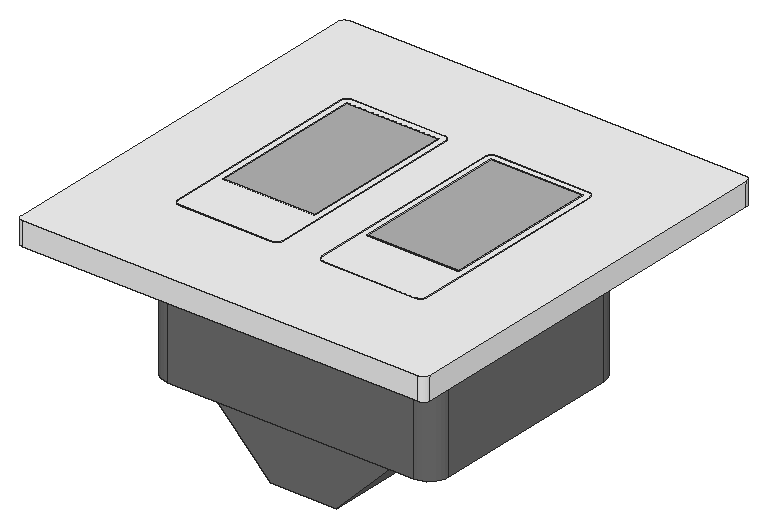
Revit family "Network Video Endpoint-Q-SYS-NV-1-H-WE-Surface Mounted pu mat 1", category Communication Devices, host Face, Revit 2022
Family settings
  Host = Face
  Round Connector Dimension = Use Diameter
  Part Type = Normal
  OmniClass Number = 23.85.10.14
  OmniClass Title = Visual Information Systems
  Cut with Voids When Loaded = No
  Maintain Annotation Orientation = No
  Shared = No
  Room Calculation Point = No
Parameters (values of type "White")
  Width = 124.71 mm
  Weight Product = 0.84
  Weight Dimensional = 0.84
  Weight = 0.84 lbm
  URL = "https://www.qsys.com/"
  Type Comments = "White"
  Product Page URL = "https://www.qsys.com/products-solutions/q-sys/video/nv-series/nv-1-h-we/"
  Product Documentation Link = "https://www.qsys.com/resource-files/productresources/dn/nv-1-h-we/q_dn_qsys_nv-1-h-we_specsheet.pdf"
  Plate Material = Plastic - Q-SYS - White
  Plan Symbol Vertical Offset [instance] = 0
  Plan Symbol Horizontal Offset [instance] = 0
  Part Number = ""
  Model = "NV-1-H-WE"
  Manufacturer URL = "https://www.qsys.com/"
  Manufacturer = "Q-SYS"
  IQ Category = "Network Video Endpoint"
  Highlight Material = Plastic - Q-SYS - White Mesh
  Height = 124.71 mm
  Description = "Network video endpoint for Q-SYS platform"
  Depth = 67.9 mm
  Default Elevation = 1219.2 mm
  Body Width = 87.0 mm
  Body Material = Plastic - Q-SYS - Black
  Body Height = 71.0 mm
Reference planes
  plane 1 "Center (Front/Back)": y = 0
  plane 2: z = 0
  plane 3 "Center (Left/Right)": x = 0
  plane 4 "Left": x = -62.355
  plane 5 "Right": x = 62.355
  plane 6: y = 62.355
  plane 7 "Bottom": y = -62.355
  plane 8: x = -43.5
  plane 9: x = 43.5
  plane 10: z = 0
  plane 11 "Back": z = -61
  plane 12 "Front": z = 6.9
  plane 13: y = 35.5
  plane 14: y = -35.5
  plane 15: z = -41
  plane 16: x = -22
  plane 17: x = 22
  plane 18: y = 33
  plane 19: y = -33
Forms (mm)
  Extrusion 1, solid, material "Plastic - Q-SYS - White" <- "Plate Material", detail levels medium+fine
    sketch origin (0, 0, 6.9) x (-1, 0, 0) y (0, -1, 0)
      loop
        arc (60.355, -62.355) -> (61.769, -61.769) -> (62.355, -60.355) r 2
        line (62.355, -60.355) -> (62.355, 60.355)
        arc (62.355, 60.355) -> (61.769, 61.769) -> (60.355, 62.355) r 2
        line (60.355, 62.355) -> (-60.355, 62.355)
        arc (-60.355, 62.355) -> (-61.769, 61.769) -> (-62.355, 60.355) r 2
        line (-62.355, 60.355) -> (-62.355, -60.355)
        arc (-62.355, -60.355) -> (-61.769, -61.769) -> (-60.355, -62.355) r 2
        line (-60.355, -62.355) -> (60.355, -62.355)
      loop
        arc (36, -33) -> (37.414, -32.414) -> (38, -31) r 2
        line (38, -31) -> (38, 31)
        arc (38, 31) -> (37.414, 32.414) -> (36, 33) r 2
        line (36, 33) -> (8, 33)
        arc (8, 33) -> (6.586, 32.414) -> (6, 31) r 2
        line (6, 31) -> (6, -31)
        arc (6, -31) -> (6.586, -32.414) -> (8, -33) r 2
        line (8, -33) -> (36, -33)
      loop
        arc (-8, -33) -> (-6.586, -32.414) -> (-6, -31) r 2
        line (-6, -31) -> (-6, 31)
        arc (-6, 31) -> (-6.586, 32.414) -> (-8, 33) r 2
        line (-8, 33) -> (-36, 33)
        arc (-36, 33) -> (-37.414, 32.414) -> (-38, 31) r 2
        line (-38, 31) -> (-38, -31)
        arc (-38, -31) -> (-37.414, -32.414) -> (-36, -33) r 2
        line (-36, -33) -> (-8, -33)
    from -6.9 to 0
  Extrusion 2, solid, material "Plastic - Q-SYS - Black" <- "Body Material", detail levels medium+fine
    sketch origin (0, 0, 6.9) x (-1, 0, 0) y (0, -1, 0)
      loop
        arc (37.5, -35.5) -> (41.743, -33.743) -> (43.5, -29.5) r 6
        line (43.5, -29.5) -> (43.5, 29.5)
        arc (43.5, 29.5) -> (41.743, 33.743) -> (37.5, 35.5) r 6
        line (37.5, 35.5) -> (-37.5, 35.5)
        arc (-37.5, 35.5) -> (-41.743, 33.743) -> (-43.5, 29.5) r 6
        line (-43.5, 29.5) -> (-43.5, -29.5)
        arc (-43.5, -29.5) -> (-41.743, -33.743) -> (-37.5, -35.5) r 6
        line (-37.5, -35.5) -> (37.5, -35.5)
    from -47.9 to -6.9
  Extrusion 3, solid, material "Plastic - Q-SYS - Black" <- "Body Material", detail levels medium+fine
    sketch origin (-317.188, -35.5, 1219.2) x (-1, 0, 0) y (0, 0, -1)
      loop
        line (-287.188, 1260.2) -> (-307.188, 1280.2) -> (-327.188, 1280.2) -> (-347.188, 1260.2) -> (-287.188, 1260.2)
    from -5 to -28
  Extrusion 4, solid, material "Plastic - Q-SYS - White" <- "Plate Material", detail levels medium+fine
    sketch origin (0, 0, 6.9) x (-1, 0, 0) y (0, -1, 0)
      loop
        arc (38, 31) -> (37.414, 32.414) -> (36, 33) r 2
        line (36, 33) -> (8, 33)
        arc (8, 33) -> (6.586, 32.414) -> (6, 31) r 2
        line (6, 31) -> (6, -31)
        arc (6, -31) -> (6.586, -32.414) -> (8, -33) r 2
        line (8, -33) -> (36, -33)
        arc (36, -33) -> (37.414, -32.414) -> (38, -31) r 2
        line (38, -31) -> (38, 31)
      loop
        arc (-6, 31) -> (-6.586, 32.414) -> (-8, 33) r 2
        line (-8, 33) -> (-36, 33)
        arc (-36, 33) -> (-37.414, 32.414) -> (-38, 31) r 2
        line (-38, 31) -> (-38, -31)
        arc (-38, -31) -> (-37.414, -32.414) -> (-36, -33) r 2
        line (-36, -33) -> (-8, -33)
        arc (-8, -33) -> (-6.586, -32.414) -> (-6, -31) r 2
        line (-6, -31) -> (-6, 31)
      loop
        line (36, -31) -> (36, 16.5) -> (8, 16.5) -> (8, -31) -> (36, -31)
      loop
        line (-8, 16.5) -> (-36, 16.5) -> (-36, -31) -> (-8, -31) -> (-8, 16.5)
    from -6.9 to 0
  Extrusion 5, solid, material "Plastic - Q-SYS - White" <- "Plate Material", detail levels medium+fine
    sketch origin (0, 0, 6.9) x (-1, 0, 0) y (0, -1, 0)
      loop
        line (36, 16.5) -> (8, 16.5) -> (8, -31) -> (36, -31) -> (36, 16.5)
      loop
        line (-8, 16.5) -> (-36, 16.5) -> (-36, -31) -> (-8, -31) -> (-8, 16.5)
    from -6.9 to 0
  Extrusion 6, solid, detail levels coarse
    sketch origin (0, 0, 6.9) x (-1, 0, 0) y (0, -1, 0)
      loop
        line (62.355, -62.355) -> (62.355, 62.355) -> (-62.355, 62.355) -> (-62.355, -62.355) -> (62.355, -62.355)
    from -67.9 to 0
Lines and regions (mm)
  Masking region 1, detail levels medium+fine
    outline origin (0, 0, 0) x (0, 1, 0) y (0, 0, 1)
      loop
        line (62.355, 6.9) -> (-62.355, 6.9) -> (-62.355, -16) -> (62.355, -16) -> (62.355, 6.9)
  Masking region 2, detail levels medium+fine
    outline origin (0, 0, 6.9) x (-1, 0, 0) y (0, -1, 0)
      loop
        arc (60.355, -62.355) -> (61.769, -61.769) -> (62.355, -60.355) r 2
        line (62.355, -60.355) -> (62.355, 60.355)
        arc (62.355, 60.355) -> (61.769, 61.769) -> (60.355, 62.355) r 2
        line (60.355, 62.355) -> (-60.355, 62.355)
        arc (-60.355, 62.355) -> (-61.769, 61.769) -> (-62.355, 60.355) r 2
        line (-62.355, 60.355) -> (-62.355, -60.355)
        arc (-62.355, -60.355) -> (-61.769, -61.769) -> (-60.355, -62.355) r 2
        line (-60.355, -62.355) -> (60.355, -62.355)
  Masking region 3, detail levels medium+fine
    outline origin (0, 0, -61) x (-1, 0, 0) y (0, -1, 0)
      loop
        line (43.5, -29.5) -> (43.5, 29.5)
        arc (43.5, 29.5) -> (41.743, 33.743) -> (37.5, 35.5) r 6
        line (37.5, 35.5) -> (-37.5, 35.5)
        arc (-37.5, 35.5) -> (-41.743, 33.743) -> (-43.5, 29.5) r 6
        line (-43.5, 29.5) -> (-43.5, -29.5)
        arc (-43.5, -29.5) -> (-41.743, -33.743) -> (-37.5, -35.5) r 6
        line (-37.5, -35.5) -> (37.5, -35.5)
        arc (37.5, -35.5) -> (41.743, -33.743) -> (43.5, -29.5) r 6
  Masking region 4, detail levels medium+fine
    outline origin (0, 0, 0) x (1, 0, 0) y (0, 0, 1)
      loop
        line (-62.355, 6.9) -> (-62.355, 0) -> (-43.5, 0) -> (-43.5, -41) -> (-30, -41) -> (-10, -61) -> (10, -61) -> (30, -41) -> (43.5, -41) -> (43.5, 0) -> (62.355, 0) -> (62.355, 6.9) -> (-62.355, 6.9)
  Masking region 5, detail levels coarse
    outline origin (0, 0, -61) x (-1, 0, 0) y (0, -1, 0)
      loop
        line (62.355, -62.355) -> (62.355, 62.355) -> (-62.355, 62.355) -> (-62.355, -62.355) -> (62.355, -62.355)
  Masking region 6, detail levels coarse
    outline origin (0, 0, 0) x (0, 1, 0) y (0, 0, 1)
      loop
        line (62.355, 6.9) -> (-62.355, 6.9) -> (-62.355, -61) -> (62.355, -61) -> (62.355, 6.9)
  Masking region 7, detail levels medium+fine
    outline origin (0, 0, 0) x (0, 1, 0) y (0, 0, 1)
      loop
        line (-7.5, -61) -> (-7.5, -41) -> (35.5, -41) -> (35.5, 0) -> (62.355, 0) -> (62.355, 6.9) -> (-62.355, 6.9) -> (-62.355, 0) -> (-35.5, 0) -> (-35.5, -41) -> (-30.5, -41) -> (-30.5, -61) -> (-7.5, -61)
  symbolic lines, style "Detail", detail levels medium+fine
    curve 1: line (-38, 31, 6.9) -> (-38, -31, 6.9)
    curve 2: arc (-38, -31, 6.9) -> (-37.414, -32.414, 6.9) -> (-36, -33, 6.9) r 2
    curve 3: line (-36, -33, 6.9) -> (-8, -33, 6.9)
    curve 4: arc (-8, -33, 6.9) -> (-6.586, -32.414, 6.9) -> (-6, -31, 6.9) r 2
    curve 5: line (-6, -31, 6.9) -> (-6, 31, 6.9)
    curve 6: arc (-6, 31, 6.9) -> (-6.586, 32.414, 6.9) -> (-8, 33, 6.9) r 2
    curve 7: line (-8, 33, 6.9) -> (-36, 33, 6.9)
    curve 8: arc (-36, 33, 6.9) -> (-37.414, 32.414, 6.9) -> (-38, 31, 6.9) r 2
    curve 9: line (6, 31, 6.9) -> (6, -31, 6.9)
    curve 10: arc (6, -31, 6.9) -> (6.586, -32.414, 6.9) -> (8, -33, 6.9) r 2
    curve 11: line (8, -33, 6.9) -> (36, -33, 6.9)
    curve 12: arc (36, -33, 6.9) -> (37.414, -32.414, 6.9) -> (38, -31, 6.9) r 2
    curve 13: line (38, -31, 6.9) -> (38, 31, 6.9)
    curve 14: arc (38, 31, 6.9) -> (37.414, 32.414, 6.9) -> (36, 33, 6.9) r 2
    curve 15: line (36, 33, 6.9) -> (8, 33, 6.9)
    curve 16: arc (8, 33, 6.9) -> (6.586, 32.414, 6.9) -> (6, 31, 6.9) r 2
    curve 17: line (-30, -30.5, -61) -> (-30, -7.5, -61)
    curve 18: line (30, -7.5, -61) -> (-30, -7.5, -61)
    curve 19: line (30, -7.5, -61) -> (30, -30.5, -61)
    curve 20: line (-30, -30.5, -61) -> (30, -30.5, -61)
    curve 21: line (-10, -30.5, -61) -> (-10, -7.5, -61)
    curve 22: line (10, -30.5, -61) -> (10, -7.5, -61)
  symbolic lines, style "Outline", detail levels medium+fine
    curve 23: line (-43.5, 0, 0) -> (43.5, 0, 0)
    curve 24: line (-43.5, 0, -41) -> (43.5, 0, -41)
    curve 26: line (0, -7.5, -41) -> (0, -30.5, -41)
  symbolic lines, detail levels medium+fine
    curve 25: line (0, 35.5, 0) -> (0, -35.5, 0)
Dimensions and locks
  equal spacing: plane 6, plane 1 "Center (Front/Back)", plane 7 "Bottom"
  "Height": plane 6 to plane 7 "Bottom"
  equal spacing: plane 4 "Left", plane 3 "Center (Left/Right)", plane 5 "Right"
  "Width": plane 4 "Left" to plane 5 "Right"
  equal spacing: plane 8, plane 3 "Center (Left/Right)", plane 9
  "Body Width": plane 8 to plane 9
  "Depth": plane 12 "Front" to plane 11 "Back"
  equal spacing: plane 14, plane 1 "Center (Front/Back)", plane 13
  "Body Height": plane 13 to plane 14
  locked: plane 12 "Front" to level at 6.9
  locked: level to plane 15 at 41
  locked: Extrusion 3 sketch curve to plane 3 "Center (Left/Right)" at 30
  locked: plane 3 "Center (Left/Right)" to Extrusion 3 sketch curve at 30
  equal spacing: Extrusion 3 sketch curve, plane 3 "Center (Left/Right)", Extrusion 3 sketch curve
  locked: plane 3 "Center (Left/Right)" to Extrusion 3 sketch curve at 10
  locked: plane 16 to plane 3 "Center (Left/Right)" at 22
  locked: plane 3 "Center (Left/Right)" to plane 17 at 22
  equal spacing: plane 18, plane 1 "Center (Front/Back)", plane 19
  locked: plane 18 to plane 1 "Center (Front/Back)" at 33
  equal spacing: Extrusion 1 sketch curve, plane 16, Extrusion 1 sketch curve
  locked: Extrusion 1 sketch curve to plane 16 at 16
  equal spacing: Extrusion 1 sketch curve, plane 17, Extrusion 1 sketch curve
  locked: plane 17 to Extrusion 1 sketch curve at 16
  equal spacing: plane 19, Extrusion 4 sketch curve, plane 1 "Center (Front/Back)"
  aligned and locked: plane 2 to host face
  aligned and locked: level to host face
  aligned and locked: level to plane 10
  aligned and locked: Masking region 1 sketch curve to plane 6
  aligned and locked: plane 7 "Bottom" to Masking region 1 sketch curve
  aligned and locked: Masking region 1 sketch curve to plane 12 "Front"
  aligned and locked: plane 4 "Left" to Extrusion 1 sketch curve
  aligned and locked: Extrusion 1 sketch curve to plane 5 "Right"
  aligned and locked: Extrusion 1 sketch curve to plane 6
  aligned and locked: plane 7 "Bottom" to Extrusion 1 sketch curve
  aligned and locked: plane 8 to Extrusion 2 sketch curve
  aligned and locked: Extrusion 2 sketch curve to plane 13
  aligned and locked: Extrusion 2 sketch curve to plane 9
  aligned and locked: Extrusion 2 sketch curve to plane 14
  aligned and locked: Extrusion 1 to level
  aligned and locked: plane 12 "Front" to Extrusion 1
  aligned and locked: Extrusion 2 to plane 15
  aligned and locked: level to Extrusion 2
  aligned and locked: Extrusion 3 sketch curve to plane 15
  aligned and locked: Extrusion 1 sketch curve to plane 18  (x2)
  aligned and locked: Extrusion 1 sketch curve to plane 19  (x2)
  aligned and locked: Extrusion 4 sketch curve to Extrusion 1  (x8)
  aligned and locked: Extrusion 4 sketch curve to Extrusion 4 sketch curve
  aligned and locked: Extrusion 4 to level
  aligned and locked: plane 12 "Front" to Extrusion 4
  aligned and locked: Extrusion 5 sketch curve to Extrusion 4  (x8)
  aligned and locked: Extrusion 5 to level
  aligned and locked: plane 12 "Front" to Extrusion 5
  aligned and locked: plane 7 "Bottom" to Extrusion 6 sketch curve
  aligned and locked: Extrusion 6 sketch curve to plane 5 "Right"
  aligned and locked: Extrusion 6 sketch curve to plane 6
  aligned and locked: plane 4 "Left" to Extrusion 6 sketch curve
  aligned and locked: Extrusion 6 to plane 11 "Back"
  aligned and locked: plane 12 "Front" to Extrusion 6
  aligned and locked: Masking region 2 sketch curve to Extrusion 1  (x4)
  aligned and locked: curve 2 to Extrusion 4
  aligned and locked: curve 4 to Extrusion 4
  aligned and locked: curve 6 to Extrusion 4
  aligned and locked: curve 8 to Extrusion 4
  aligned and locked: curve 10 to Extrusion 4
  aligned and locked: curve 12 to Extrusion 4
  aligned and locked: curve 14 to Extrusion 4
  aligned and locked: curve 16 to Extrusion 4
  aligned and locked: Masking region 3 sketch curve to Extrusion 2  (x4)
  aligned and locked: curve 17 to Extrusion 3
  aligned and locked: curve 18 to Extrusion 3
  aligned and locked: curve 19 to Extrusion 3
  aligned and locked: curve 20 to Extrusion 3
  aligned and locked: curve 21 to Extrusion 3
  aligned and locked: curve 22 to Extrusion 3
  aligned and locked: Masking region 4 sketch curve to plane 12 "Front"
  aligned and locked: plane 4 "Left" to Masking region 4 sketch curve
  aligned and locked: Masking region 4 sketch curve to plane 5 "Right"
  aligned and locked: Masking region 4 sketch curve to Extrusion 3  (x3)
  aligned and locked: Masking region 4 sketch curve to plane 15
  aligned and locked: plane 15 to Masking region 4 sketch curve
  aligned and locked: Masking region 4 sketch curve to plane 8
  aligned and locked: Masking region 4 sketch curve to plane 9
  aligned and locked: level to Masking region 4 sketch curve  (x2)
  aligned and locked: Masking region 4 to curve 24  (x2)
  aligned and locked: curve 24 to Masking region 4
  aligned and locked: Masking region 4 to curve 23  (x3)
  aligned and locked: nested 1 to level
  aligned and locked: plane 3 "Center (Left/Right)" to nested 1
  aligned and locked: Masking region 5 sketch curve to Extrusion 6  (x4)
  aligned and locked: Masking region 6 sketch curve to Extrusion 6  (x4)
  aligned and locked: Masking region 7 sketch curve to plane 6
  aligned and locked: plane 7 "Bottom" to Masking region 7 sketch curve
  aligned and locked: Masking region 7 sketch curve to plane 12 "Front"
  aligned and locked: plane 10 to Masking region 7 sketch curve  (x2)
  aligned and locked: Masking region 7 sketch curve to plane 14
  aligned and locked: Masking region 7 sketch curve to Extrusion 3  (x2)
  aligned and locked: plane 15 to Masking region 7 sketch curve  (x2)
  aligned and locked: Masking region 7 sketch curve to plane 13
  aligned and locked: plane 11 "Back" to Masking region 7 sketch curve
  aligned and locked: Masking region 7 to curve 26  (x2)
  aligned and locked: Masking region 7 to curve 25
  aligned and locked: curve 25 to Masking region 7  (x2)
  aligned and locked: curve 26 to Masking region 7
Automatic sketch dimensions
  host sketch curve to host sketch curve = 2438.4 mm  (x2)
  plane 11 "Back" to Masking region 1 sketch curve = 45.0 mm
  Extrusion 2 sketch curve to plane 9 = 0.0 mm
  Extrusion 2 sketch curve to Extrusion 2 sketch curve = 6.0 mm
  Extrusion 2 sketch curve to plane 9 = 6.0 mm
  plane 8 to Extrusion 2 sketch curve = 6.0 mm  (x2)
  Extrusion 3 sketch curve to plane 11 "Back" = 0.0 mm
  Extrusion 1 sketch curve to plane 4 "Left" = 0.0 mm
  Extrusion 1 sketch curve to Extrusion 1 sketch curve = 2.0 mm  (x5)
  Extrusion 1 sketch curve to plane 19 = 2.0 mm  (x2)
  Extrusion 1 sketch curve to plane 18 = 2.0 mm  (x3)
  plane 4 "Left" to Extrusion 1 sketch curve = 2.0 mm  (x2)
  Extrusion 4 sketch curve to Extrusion 4 sketch curve = 0.0 mm  (x4)
  Extrusion 4 sketch curve to plane 3 "Center (Left/Right)" = 8.0 mm
  plane 8 to Extrusion 4 sketch curve = 7.5 mm
Nested families
  nested 1: "Network Video_Symbol_Face_Based" at (0, 0, 0) x (1, 0, 0) z (0, -1, 0), Horizontal Offset <- "Plan Symbol Horizontal Offset", Vertical Offset <- "Plan Symbol Vertical Offset", type "Network Video_Symbol_Face_Based", detail levels coarse
    with Wall Mounted yes, Vertical Offset 0, Length 2 2540.0 mm, Length 1 2540.0 mm, Horizontal Offset 0
Connectors
  electrical at (-22, 0, 6.9)
    settings: on Extrusion 4, index 1, voltage 0 V, apparent load 0 VA, apparent load phase1 0 VA, apparent load phase2 0 VA, apparent load phase3 0 VA, power factor 1, load classification "Other", number of poles 1, system type 14, power factor state 1, is connector primary yes, connector utility no, sub classification motor no, connector description "HDMI"
  electrical at (0, -7.5, -51)
    settings: on Extrusion 3, index 2, voltage 0 V, apparent load 0 VA, apparent load phase1 0 VA, apparent load phase2 0 VA, apparent load phase3 0 VA, power factor 1, load classification "Other", number of poles 1, system type 5, power factor state 1, is connector primary no, connector utility no, sub classification motor no, connector description "Ethernet Netwrok (RJ45)"
Definition of nested family "Network Video_Symbol_Face_Based"
  Parameters (values of type "Network Video_Symbol_Face_Based")
    Wall Mounted [instance] = yes
    Vertical Offset [instance] = 0
    Length 2 [instance] = (Vertical Offset * Generic Symbol Height) + 2540.0 mm  # 2540.0 mm
    Length 1 [instance] = (Horizontal Offset * Generic Symbol Width) + 2540.0 mm  # 2540.0 mm
    Horizontal Offset [instance] = 0
    Generic Symbol Width = 10.0 mm
    Generic Symbol Height = 10.0 mm
    Default Elevation = 1219.2 mm
  Reference planes
    plane 1 "Center (Front/Back)": y = 0
    plane 2: z = 0
    plane 3 "Center (Left/Right)": x = 0
    plane 4 "pivot x": x = -2540
    plane 5 "symbol x cl": x = 0
    plane 6 "pivot y": y = -2540
    plane 7 "symbol y cl": y = 0
  Forms (mm)
    Extrusion 1, solid
      sketch origin (0, 0, 0) x (1, 0, 0) y (0, 1, 0)
        loop
          line (-1219.2, 1219.2) -> (-1219.2, -1219.2) -> (1219.2, -1219.2) -> (1219.2, 1219.2) -> (-1219.2, 1219.2)
      from 0 to -304.8
  Dimensions and locks
    locked: plane 4 "pivot x" to plane 3 "Center (Left/Right)" at 2540
    "Length 1": plane 4 "pivot x" to plane 5 "symbol x cl"
    locked: plane 1 "Center (Front/Back)" to plane 6 "pivot y" at 2540
    "Length 2": plane 7 "symbol y cl" to plane 6 "pivot y"
    aligned and locked: plane 2 to Extrusion 1
    aligned and locked: level to Extrusion 1
    aligned and locked: plane 5 "symbol x cl" to nested 1
    aligned and locked: nested 1 to plane 7 "symbol y cl"
  Automatic sketch dimensions
    Extrusion 1 sketch curve to Extrusion 1 sketch curve = 2438.4 mm  (x2)
  Nested families
    nested 1: "Network Video_Symbol" at (0, 0, 0), type "NV"
  Definition of nested family "Network Video_Symbol"
    Parameters (values of type "NV")
      Symbol Text = "NV"
      Symbol Radius = 5.0 mm
    Reference planes
      plane 1: y = 0
      plane 2: x = 0
    Lines and regions (mm)
      Masking region 1
        outline origin (0, 0, 0) x (1, 0, 0) y (0, 1, 0)
          loop
            line (-5, 0) -> (5, 0) -> (0, 8.66) -> (-5, 0)
    Text (mm)
      label "NV" at (-7.233, 8.002, 0), shows "Symbol Text"
    Dimensions and locks
      equal spacing: Masking region 1 sketch curve, plane 2, Masking region 1 sketch curve
      "Symbol Radius": Masking region 1 sketch curve to plane 2
      locked: plane 1 to Masking region 1 sketch curve (angle 60.00°)
      locked: Masking region 1 sketch curve to plane 1 (angle 60.00°)
      aligned and locked: plane 1 to Masking region 1 sketch curve
